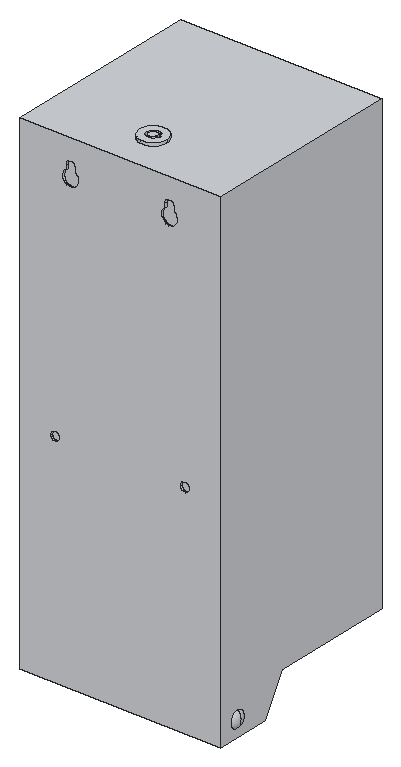
Revit family "AX9423-HA_0002", category Appareils sanitaires, Revit 2016
Family settings
  Hôte = Mur
  Type d'élément = Normal
  Cote de connecteur circulaire = Utiliser le diamètre
  Numéro OmniClass = 23.75.00.00
  Titre OmniClass = Climate Control (HVAC)
  Toujours verticalement = Oui
  Couper avec des vides une fois chargée = Non
  Partagée = Non
  Point de calcul de pièce = Non
Parameters (values of type "Type 1")
  URL = "https://www.axeuro.com/fr/distributeurs-de-gel-hydroalcoolique/26165-distributeur-automatique-de-gel-hydroalcoolique-ax9423-ha.html"
  Type de produit / Type of product = "Distributeur automatique de gel hydroalcoolique / Automatic hydroalcoholic gel dispenser"  # constant formula
  Référence / Reference = "AX9423-HA"  # constant formula
  Model = ""
  Manufacturer = ""
  Entreprise / Company = "Axeuro"  # constant formula
  Description = ""
Reference planes
  plane 1 "Mur": y = 0
  plane 2 "Centre (gauche/droite)": x = 0
  plane 3 "Arrière": y = 75
Forms (mm)
  Extrusion 1, solid, not visible
    sketch origin (0, 75, 32.766) x (1, 0, 0) y (0, 0, 1)
      loop
        line (124.636, 467.234) -> (-157.364, 467.234) -> (-157.364, 77.234) -> (124.636, 77.234) -> (124.636, 467.234)
      loop
        line (122.836, 465.434) -> (-155.564, 465.434) -> (-155.564, 79.034) -> (122.836, 79.034) -> (122.836, 465.434)
    from -110 to 0
  Extrusion 2, solid, not visible
    sketch origin (0, 0, 32.766) x (0, 1, 0) y (0, 0, 1)
      loop
        line (75, 467.234) -> (75, 77.234) -> (76.843, 77.234) -> (76.843, 467.234) -> (75, 467.234)
    from -157.364 to 124.636
  Extrusion 3, solid, not visible
    sketch origin (0, 75, 32.766) x (1, 0, 0) y (0, 0, 1)
      loop
        line (122.836, 465.434) -> (-155.564, 465.434) -> (-155.564, 296.437) -> (122.836, 296.437) -> (122.836, 465.434)
    from -110 to 0
  Extrusion 4, solid, not visible
    sketch origin (0, 75, -184.637) x (1, 0, 0) y (0, 0, 1)
      loop
        line (122.836, 513.841) -> (-155.564, 513.841) -> (-155.564, 296.437) -> (122.836, 296.437) -> (122.836, 513.841)
    from -110 to 0
  Extrusion 5, solid, not visible
    sketch origin (-17.336, 75, 48.525) x (1, 0, 0) y (0, 0, 1)
      loop
        circle (-91.889, 325.864) r 19.45
    from -110.457 to -110
  Extrusion 6, void, not visible
    sketch origin (-11.211, 0, 5.271) x (1, 0, 0) y (0, 0, 1)
      loop
        circle (-109.008, 447.263) r 3
    from -76.843 to -75
  Extrusion 7, solid, not visible
    sketch origin (0, 75, 32.766) x (1, 0, 0) y (0, 0, 1)
      loop
        line (124.636, 467.234) -> (-157.364, 467.234) -> (-157.364, 77.234) -> (124.636, 77.234) -> (124.636, 467.234)
      loop
        line (122.836, 465.434) -> (-155.564, 465.434) -> (-155.564, 79.034) -> (122.836, 79.034) -> (122.836, 465.434)
    from -110 to 0
  Extrusion 8, solid, not visible
    sketch origin (0, 75, 32.766) x (1, 0, 0) y (0, 0, 1)
      loop
        line (122.836, 465.434) -> (-155.564, 465.434) -> (-155.564, 296.437) -> (122.836, 296.437) -> (122.836, 465.434)
    from -110 to 0
  Extrusion 9, solid, not visible
    sketch origin (0, 75, -184.637) x (1, 0, 0) y (0, 0, 1)
      loop
        line (122.836, 513.841) -> (-155.564, 513.841) -> (-155.564, 296.437) -> (122.836, 296.437) -> (122.836, 513.841)
    from -110 to 0
  Extrusion 10, solid, not visible
    sketch origin (-17.336, 75, 48.525) x (1, 0, 0) y (0, 0, 1)
      loop
        circle (-91.889, 325.864) r 19.45
    from -110.457 to -110
  Extrusion 11, void, not visible
    sketch origin (-11.211, 0, 5.271) x (1, 0, 0) y (0, 0, 1)
      loop
        circle (-109.008, 447.263) r 3
    from -76.843 to -75
  Extrusion 12, solid
    sketch origin (45.053, -71.24, 0) x (1, 0, 0) y (0, 1, 0)
      loop
        line (-100.053, 146.24) -> (9.947, 146.24) -> (9.947, 256.24) -> (-100.053, 256.24) -> (-100.053, 146.24)
    from 270 to 540
  Extrusion 13, void
    sketch origin (0, 0, 0) x (0, 1, 0) y (0, 0, 1)
      loop
        line (105, 270) -> (185, 270) -> (185, 290) -> (117, 290) -> (105, 270)
    from -55 to 55
  Extrusion 14, void
    sketch origin (-48.587, 0, 27.144) x (1, 0, 0) y (0, 0, 1)
      loop
        arc (19.087, 496.877) -> (21.587, 488.856) -> (24.087, 496.877) r 4.4
        line (24.087, 496.877) -> (24.087, 499.356)
        arc (24.087, 499.356) -> (21.587, 501.856) -> (19.087, 499.356) r 2.5
        line (19.087, 499.356) -> (19.087, 496.877)
    from -75.849 to -75
  Extrusion 15, void
    sketch origin (48.587, 0, 27.144) x (-1, 0, 0) y (0, 0, -1)
      loop
        line (19.087, -496.877) -> (19.087, -499.356)
        arc (19.087, -499.356) -> (21.587, -501.856) -> (24.087, -499.356) r 2.5
        line (24.087, -499.356) -> (24.087, -496.877)
        arc (24.087, -496.877) -> (21.587, -488.856) -> (19.087, -496.877) r 4.4
    from -75.849 to -75
  Extrusion 16, void
    sketch origin (0, 0, -6.997) x (-1, 0, 0) y (0, 0, -1)
      loop
        circle (-35.5, -398) r 2.5
    from -75.849 to -75
  Extrusion 17, void
    sketch origin (0, 0, -6.997) x (1, 0, 0) y (0, 0, 1)
      loop
        circle (-35.5, 398) r 2.5
    from -75.849 to -75
  Revolve 18, solid
    sketch origin (0, 86, -2.553) x (1, 0, 0) y (0, 0, 1)
      loop
        line (55, 282.053) -> (57, 282.053)
        arc (57, 282.053) -> (56.566, 284.554) -> (55, 286.553) r 5.204
        line (55, 286.553) -> (55, 282.053)
      axis (55, 282.053) -> (57, 282.053)
    angle from 0 to 360
  Revolve 19, solid
    sketch origin (0, 86, -2.553) x (-1, 0, 0) y (0, 0, -1)
      loop
        line (55, -282.053) -> (55, -286.553)
        arc (55, -286.553) -> (56.566, -284.554) -> (57, -282.053) r 5.204
        line (57, -282.053) -> (55, -282.053)
      axis (55, -282.053) -> (57, -282.053)
    angle from 0 to 360
  Extrusion 20, void
    sketch origin (-7.15, 75, -11.972) x (1, 0, 0) y (0, 0, 1)
      loop
        circle (32.65, 319.472) r 2.5
    from -110 to -108.683
  Extrusion 21, solid
    sketch origin (-90.696, -44.043, 0) x (1, 0, 0) y (0, 1, 0)
      loop
        circle (90.696, 141.543) r 7.5
      loop
        circle (90.696, 141.543) r 3.506
    from 540 to 541.5
  Extrusion 22, solid
    sketch origin (0, -3.506, 0) x (1, 0, 0) y (0, 1, 0)
      loop
        circle (0, 101.006) r 2.421
    from 540 to 541.5
  Extrusion 23, void
    sketch origin (0, 0.009, 0) x (-1, 0, 0) y (0, -1, 0)
      loop
        line (-3.922, -97.938) -> (-1.695, -97.938) -> (-1.695, -97.043) -> (-3.922, -97.043) -> (-3.922, -97.938)
    from 540 to 541.5
  Extrusion 24, void
    sketch origin (368.806, 75, -2.981) x (1, 0, 0) y (0, 0, 1)
      loop
        spline (-368.827, 396.981) -> (-363.65, 398.003) -> (-358.827, 401) -> (-354.685, 405.767) -> (-351.506, 411.981) -> (-349.508, 419.216) -> (-348.827, 426.981) -> (-349.508, 434.745) -> (-351.506, 441.981) -> (-354.685, 448.194) -> (-358.827, 452.961) -> (-363.65, 455.958) -> (-368.827, 456.981)
        spline (-368.827, 456.981) -> (-374.003, 455.958) -> (-378.827, 452.961) -> (-382.969, 448.194) -> (-386.147, 441.981) -> (-388.145, 434.745) -> (-388.827, 426.981) -> (-388.145, 419.216) -> (-386.147, 411.981) -> (-382.969, 405.767) -> (-378.827, 401) -> (-374.003, 398.003) -> (-368.827, 396.981)
    from -110 to -108.683
Cuts and joins
  Extrusion 13, Extrusion 14, Extrusion 15, Extrusion 16, Extrusion 17, Extrusion 20, Extrusion 23, Extrusion 24 cuts Extrusion 12
  Extrusion 23 cuts Extrusion 21
  Extrusion 23 cuts Extrusion 22
Text (mm)
  text "Côté de la mise en place" at (-1820.995, 1116.779, 0), in view "Niveau de réf."
  text "Côté de la mise en place" at (0, 1334.055, 2976.191), in view "Gauche"
  text "Côté de la mise en place" at (0, 439.194, 2944.362), in view "Droite"
Dimensions and locks
  host wall to plane 3 "Arrière" = 75 mm
  aligned and locked: plane 1 "Mur" to host wall
